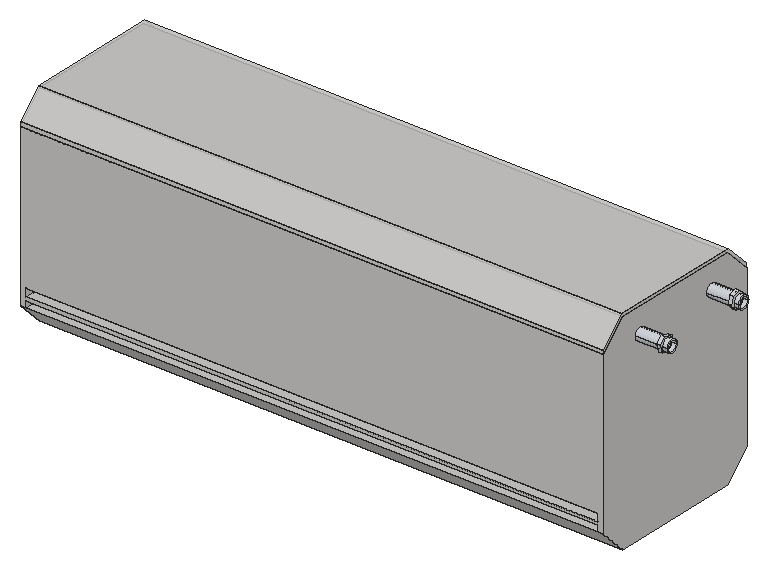
Revit family "Air-Curtain_Customer-Entry_PoweredAire_CED-HW-ST", category Mechanical Equipment, host Face, Revit 2023
Family settings
  Host = Face
  Round Connector Dimension = Use Diameter
  Part Type = Normal
  OmniClass Number = 23.75.35.17.21
  OmniClass Title = Air Curtains
  Cut with Voids When Loaded = No
  Maintain Annotation Orientation = No
  Shared = No
  Room Calculation Point = No
Parameters
  upperrotation [instance] = if(Upper Pipe Connection Side A, 0.00°, 180.00°)  # 0.00°
  lowerrotation [instance] = if(Lower Pipe Connection Side A, 0.00°, 180.00°)  # 0.00°
  locateupperpipe [instance] = 0.00"
  locatelowerpipe [instance] = 0.00"
  Upper Pipe Connection Side A [instance] = yes
  Unit Width Notes = "Other Widths available."  # constant formula
  Unit Width [instance] = 49.00"
  Unit Weight = 0
  Unit Height [instance] = 15.00"
  Unit Depth [instance] = 17.50"
  URL = "http://www.poweredaire.com/"
  Specification = ""
  Projection from Host [instance] = 2.00"
  Product Page URL = "https://www.arcat.com/company/powered-aire-inc-47623"
  Power Rating = 0 W
  Piping_Water Flow [instance] = 0 GPM
  Piping_Operating Pressure [instance] = 0.00 psi
  Piping_Exit Temperature [instance] = 0 °F
  Piping_Entry Temperature [instance] = 0 °F
  Pipe OD [instance] = 5/8"
  Mounting Width = 45.00"
  Mounting Height [instance] = 50.00"
  Motor RPM = 0
  Motor HP = 0
  Motor Count = 0
  Model = "ECE ST"
  Max Height = 0.00"
  Manufacturer = "Powered Aire, Inc"
  Lower Pipe Connection Side A [instance] = yes
  Keynote = "23 34 33"
  Junction height [instance] = 2.25"
  Include Filters [instance] = no
  Include Clearance [instance] = yes
  Heating Element Load = 0 W
  HVAC_Temperature Rise [instance] = 0 °F
  HVAC_Outlet Volume [instance] = 0 CFM
  HVAC_Outlet Velocity Uniformity = 0
  HVAC_Outlet Velocity [instance] = 0 FPM
  HVAC_BTU Input = 0.0 Btu/h
  Front Grating Material [instance] = Metal - Steel - PoweredAire - Stainless 304 Perforated
  Frame Finish [instance] = Metal - Steel - PoweredAire - Stainless 304
  Electrical_Wattage [instance] = Power Rating + Heating Element Load  # 0 W
  Electrical_Voltage [instance] = 0 V
  Electrical_Phase [instance] = 1
  Electrical_Frequency [instance] = 0 Hz
  Electrical_Amperage [instance] = 0 A
  Description = ""
  Default Elevation = 0.00"  # constant formula
  Copyright = "©Arcat Inc."
  Clearance_Top [instance] = 20.50"
  Clearance_Side B [instance] = 11.875"
  Clearance_Side A [instance] = 11.875"
  Clearance_Intake [instance] = 8.75"
  Clearance_Bottom [instance] = 12.00"
  Clearance Material [instance] = ARCAT Clearance
  CAD Details = ""
  Assembly Code = "D3090400"
Reference planes (in)
  plane 1 "Center (Elevation)": y = 8.13818
  plane 2: z = 0
  plane 3 "Center (Left/Right)": x = 0
  plane 4 "FF": y = -41.86182
  plane 5: z = 2
  plane 6: x = 24.5
  plane 7: x = -24.5
  plane 8: z = 19.5
  plane 9: z = 17.5
  plane 10: z = 4
  plane 11: y = 15.63818
  plane 12: y = 0.63818
  plane 13: z = 0
  plane 14: x = -24.03
  plane 15: x = 24.03
  plane 16: y = 17.88818
Forms (in)
  Extrusion 1, solid, material "Metal - Steel - PoweredAire - Stainless 304" <- "Frame Finish"
    sketch origin (0, 0, 6.73006) x (0, 1, 0) y (0, 0, 1)
      loop
        line (0.63818, -2.73006) -> (2.63818, -4.73006) -> (13.63818, -4.73006) -> (15.63818, -2.73006) -> (15.63818, 10.76994) -> (13.63818, 12.76994) -> (2.63818, 12.76994) -> (0.63818, 10.76994) -> (0.63818, -2.73006)
    from -24.5 to 24.5
  Extrusion 2, void
    sketch origin (0, 0.875, 1) x (0, 1, 0) y (0, 0, 1)
      loop
        line (-0.23682, 3) -> (0.76318, 3) -> (0.76318, 4.5) -> (-0.23682, 4.5) -> (-0.23682, 3.82425) -> (0.61636, 3.82425) -> (0.61636, 3.57425) -> (-0.23682, 3.57425) -> (-0.23682, 3)
    from -24.03 to 24.03
  Extrusion 3, solid
    sketch origin (0, 8.13818, 0) x (1, 0, 0) y (0, 0, 1)
      loop
        line (1.75, 15.38) -> (-1.75, 15.38)
        arc (-1.75, 15.38) -> (-1.92678, 15.30678) -> (-2, 15.13) r 0.25
        line (-2, 15.13) -> (-2, 11.63)
        arc (-2, 11.63) -> (-1.92678, 11.45322) -> (-1.75, 11.38) r 0.25
        line (-1.75, 11.38) -> (1.75, 11.38)
        arc (1.75, 11.38) -> (1.92678, 11.45322) -> (2, 11.63) r 0.25
        line (2, 11.63) -> (2, 15.13)
        arc (2, 15.13) -> (1.92678, 15.30678) -> (1.75, 15.38) r 0.25
      loop
        circle (1.75, 15.13) r 0.03224
      loop
        circle (-1.75, 11.63) r 0.03224
    from -9.75 to -7.5
  Extrusion 4, solid, material "Metal - Steel - PoweredAire - Stainless 304 Perforated" <- "Front Grating Material"
    sketch origin (0, 0, 0) x (0, 1, 0) y (0, 0, 1)
      loop
        line (15.63818, 17.5) -> (15.63818, 17.83698) -> (13.73688, 19.73828) -> (2.53948, 19.73828) -> (0.63818, 17.83698) -> (0.63818, 17.5) -> (2.63818, 19.5) -> (13.63818, 19.5) -> (15.63818, 17.5)
    from -24.5 to 24.5
  Extrusion 5, void
    sketch origin (0, 8.13818, 0) x (1, 0, 0) y (0, 0, 1)
      loop
        circle (24, 15.5) r 0.19
      loop
        circle (24, 6) r 0.19
      loop
        circle (-24, 15.5) r 0.19
      loop
        circle (-24, 6) r 0.19
    from -9.75 to 0
Cuts and joins
  Extrusion 2, Extrusion 5 cuts Extrusion 1
Dimensions and locks (in)
  equal spacing: plane 7, plane 3 "Center (Left/Right)", plane 6
  "Unit Width": plane 7 to plane 6
  equal spacing: plane 12, plane 1 "Center (Elevation)", plane 11
  "Unit Height": plane 12 to plane 11
  Extrusion 2 sketch curve to Extrusion 2 sketch curve to Extrusion 2 sketch curve to Extrusion 2 sketch curve = 0.67575" locked, 0.25" locked, 0.57425" locked
  locked: Extrusion 2 sketch curve to Extrusion 2 sketch curve at 0.14681
  locked: Extrusion 1 sketch curve to plane 5 at 2  (x2)
  locked: Extrusion 3 sketch curve to Extrusion 3 sketch curve at 4  (x2)
  equal spacing: Extrusion 3 sketch curve, plane 3 "Center (Left/Right)", Extrusion 3 sketch curve
  locked: Extrusion 3 sketch curve to plane 9 at 2.12
  locked: plane 10 to plane 5 at 2
  locked: plane 11 to Extrusion 1 sketch curve at 2
  locked: Extrusion 1 sketch curve to plane 12 at 2
  locked: plane 8 to plane 9 at 2
  "Unit Depth": plane 8 to plane 5
  "Projection from Host": plane 5 to plane 13
  locked: nested 1 to plane 12 at 3.75027
  locked: nested 2 to plane 11 at 3.75027
  "Mounting Height": plane 1 "Center (Elevation)" to plane 4 "FF"
  locked: plane 7 to plane 14 at 0.47
  locked: plane 15 to plane 6 at 0.47
  plane 14 to plane 15 = 48.06"
  "Junction height": plane 11 to plane 16
  aligned and locked: plane 2 to host face
  aligned and locked: level to host face
  aligned and locked: plane 10 to cut or joined group of Extrusion 1, Extrusion 2, Extrusion 5
  aligned and locked: plane 8 to cut or joined group of Extrusion 1, Extrusion 2, Extrusion 5
  aligned and locked: plane 9 to cut or joined group of Extrusion 1, Extrusion 2, Extrusion 5
  aligned and locked: cut or joined group of Extrusion 1, Extrusion 2, Extrusion 5 to plane 8
  aligned and locked: cut or joined group of Extrusion 1, Extrusion 2, Extrusion 5 to plane 5
  aligned and locked: cut or joined group of Extrusion 1, Extrusion 2, Extrusion 5 to plane 10
  aligned and locked: host face to plane 13
  aligned and locked: cut or joined group of Extrusion 1, Extrusion 2, Extrusion 5 to plane 7
  aligned and locked: plane 6 to cut or joined group of Extrusion 1, Extrusion 2, Extrusion 5
  aligned and locked: Extrusion 4 sketch curve to plane 8
  aligned and locked: Extrusion 4 to cut or joined group of Extrusion 1, Extrusion 2, Extrusion 5  (x5)
  aligned and locked: plane 11 to Extrusion 3
  aligned and locked: nested 1 to plane 6
  aligned and locked: plane 15 to cut or joined group of Extrusion 1, Extrusion 2, Extrusion 5
  aligned and locked: cut or joined group of Extrusion 1, Extrusion 2, Extrusion 5 to plane 14
  aligned and locked: Extrusion 4 to plane 11
  aligned and locked: Extrusion 4 to plane 12
  aligned and locked: cut or joined group of Extrusion 1, Extrusion 2, Extrusion 5 to plane 12  (x2)
  aligned and locked: cut or joined group of Extrusion 1, Extrusion 2, Extrusion 5 to plane 11  (x2)
  aligned and locked: plane 12 to Extrusion 1 sketch curve
  aligned and locked: Extrusion 1 sketch curve to plane 11
  aligned and locked: Extrusion 5 to Extrusion 3
  aligned and locked: Extrusion 1 sketch curve to Extrusion 4
  aligned and locked: Extrusion 2 sketch curve to plane 12
  aligned and locked: plane 12 to cut or joined group of Extrusion 1, Extrusion 2, Extrusion 5
  aligned and locked: plane 1 "Center (Elevation)" to cut or joined group of Extrusion 1, Extrusion 2, Extrusion 5
  aligned and locked: Extrusion 1 to plane 11
  aligned and locked: plane 16 to Extrusion 3
Automatic sketch dimensions
  host sketch curve to host sketch curve = 96.00"  (x2)
  Extrusion 1 sketch curve to plane 8 = 0.00"
  Extrusion 1 sketch curve to plane 5 = 0.00"
  Extrusion 1 sketch curve to plane 9 = 0.00"
  plane 10 to Extrusion 2 sketch curve = 0.00"
  plane 12 to Extrusion 2 sketch curve = 0.85319"
  Extrusion 4 sketch curve to plane 9 = 0.00"  (x2)
  Extrusion 4 sketch curve to plane 12 = 0.00"
  Extrusion 4 sketch curve to plane 11 = 0.00"
  Extrusion 4 sketch curve to Extrusion 4 sketch curve = 0.0987"  (x2)
  plane 8 to Extrusion 4 sketch curve = 0.23828"
  plane 12 to Extrusion 4 sketch curve = 1.9013"
  plane 11 to Extrusion 4 sketch curve = 2.00"
  Extrusion 4 sketch curve to Extrusion 4 sketch curve = 0.33698"
  plane 9 to Extrusion 4 sketch curve = 0.33698"
  Extrusion 2 sketch curve to plane 12 = 0.00"
  plane 11 to Extrusion 1 sketch curve = 2.00"
  Extrusion 3 sketch curve to Extrusion 3 sketch curve = 0.00"  (x4)
  Extrusion 3 sketch curve to Extrusion 3 sketch curve = 0.25"  (x4)
  plane 14 to Extrusion 5 sketch curve = 0.03"  (x2)
  Extrusion 5 sketch curve to plane 15 = 0.03"  (x2)
  Extrusion 5 sketch curve to plane 9 = 2.00"  (x2)
  Extrusion 5 sketch curve to plane 10 = 2.00"  (x2)
  radius of Extrusion 3 sketch curve = 0.03224"  (x2)
  radius of Extrusion 5 sketch curve = 0.19"  (x4)
Nested families (in)
  nested 1: "Valve" at (24.5, 4.38845, 30.15595) x (0, 1, 0) z (1, 0, 0), type "Valve"
    with upperpiperotation 0.00°, lowerpiperotation 0.00°, locateupperpipe 0.00", locatelowerpipe 0.00", Upper Pipe Connection Side A yes, Projection from Host 4.00", Piping_Water Flow 0 GPM, Piping_Operating Pressure 0.00 psi, Piping_Exit Temperature 0 °F, Piping_Entry Temperature 0 °F, Pipe OD 5/8", Mounting Height 42.00", Lower Pipe Connection Side A yes, Include Clearance yes, Front Grating Material Metal - Steel - PoweredAire - White Perforated, Frame Finish Metal - Steel - PoweredAire - Stainless 304, Electrical_Wattage 0 W, Electrical_Voltage 0 V, Electrical_Phase 1, Electrical_Frequency 0 Hz, Electrical_Amperage 0 A, Cover Finish Metal - Steel - PoweredAire - White, Clearance_Top 0.00", Clearance_Side B 0.00", Clearance_Side A 0.00", Clearance_Intake 0.00", Clearance_Front 43.00", Clearance Material ARCAT Clearance
  nested 2: "Valve" at (24.5, 11.88791, 30.15595) x (0, -1, 0) z (1, 0, 0), type "Valve"
    with upperpiperotation 0.00°, lowerpiperotation 0.00°, locateupperpipe 0.00", locatelowerpipe 0.00", Upper Pipe Connection Side A yes, Projection from Host 4.00", Piping_Water Flow 0 GPM, Piping_Operating Pressure 0.00 psi, Piping_Exit Temperature 0 °F, Piping_Entry Temperature 0 °F, Pipe OD 5/8", Mounting Height 42.00", Lower Pipe Connection Side A yes, Include Clearance yes, Front Grating Material Metal - Steel - PoweredAire - White Perforated, Frame Finish Metal - Steel - PoweredAire - Stainless 304, Electrical_Wattage 0 W, Electrical_Voltage 0 V, Electrical_Phase 1, Electrical_Frequency 0 Hz, Electrical_Amperage 0 A, Cover Finish Metal - Steel - PoweredAire - White, Clearance_Top 0.00", Clearance_Side B 0.00", Clearance_Side A 0.00", Clearance_Intake 0.00", Clearance_Front 43.00", Clearance Material ARCAT Clearance
Definition of nested family "Valve"
  Parameters (values of type "Valve")
    upperpiperotation [instance] = if(Upper Pipe Connection Side A, 0.00°, 180.00°)  # 0.00°
    lowerpiperotation [instance] = if(Lower Pipe Connection Side A, 0.00°, 180.00°)  # 0.00°
    locateupperpipe [instance] = if(Upper Pipe Connection Side A, 0.00", Nozzle Width)  # 0.00"
    locatelowerpipe [instance] = if(Lower Pipe Connection Side A, 0.00", Nozzle Width)  # 0.00"
    Upper Pipe Connection Side A [instance] = yes
    Unit Width Notes = "Other Widths available."  # constant formula
    Unit Width = 73.00"
    Unit Weight = 0
    Unit Height = 15.00"
    Unit Depth = 17.00"
    URL = "http://www.poweredaire.com/"
    Specification = ""
    Projection from Host [instance] = 4.00"
    Product Page URL = "https://www.arcat.com/company/powered-aire-inc-47623"
    Power Rating = 0 W
    Piping_Water Flow [instance] = 0 GPM
    Piping_Operating Pressure [instance] = 0.00 psi
    Piping_Exit Temperature [instance] = 0 °F
    Piping_Entry Temperature [instance] = 0 °F
    Pipe OD [instance] = 5/8"
    Nozzle Width = if(1 = 1, Unit Width - 3.00", 0.00")  # 70.00"
    Mounting Width = if(1 = 1, Unit Width - 1.50", 0.00")  # 71.50"
    Mounting Height [instance] = 42.00"
    Motor RPM = 0
    Motor HP = 0
    Motor Count = 0
    Model = "CLD CHD HW ST"
    Max Height = 0.00"
    Manufacturer = "Powered Aire, Inc"
    Lower Pipe Connection Side A [instance] = yes
    Keynote = "23 34 33"
    Junction Height = 1.77"
    Include Clearance [instance] = yes
    Heating Element Load = 0 W
    HVAC_Temperature Rise = 0 °F
    HVAC_Outlet Volume = 0 CFM
    HVAC_Outlet Velocity Uniformity = 0
    HVAC_Outlet Velocity = 0 FPM
    HVAC_BTU Input = 0.0 Btu/h
    Front Grating Material [instance] = none
    Frame Finish [instance] = none
    Electrical_Wattage [instance] = Power Rating + Heating Element Load  # 0 W
    Electrical_Voltage [instance] = 0 V
    Electrical_Phase [instance] = 1
    Electrical_Frequency [instance] = 0 Hz
    Electrical_Amperage [instance] = 0 A
    Description = ""
    Default Elevation = 0.00"  # constant formula
    Cover Finish [instance] = none
    Copyright = "©Arcat Inc."
    Clearance_Top [instance] = 0.00"
    Clearance_Side B [instance] = 0.00"
    Clearance_Side A [instance] = 0.00"
    Clearance_Intake [instance] = 0.00"
    Clearance_Front [instance] = 43.00"
    Clearance Material [instance] = none
    CAD Details = ""
    Assembly Code = "D3090400"
  Reference planes (in)
    plane 1 "Center (Elevation)": y = -12.65595
    plane 2: z = 0
    plane 3 "Center (Left/Right)": x = 0
  Forms (in)
    Extrusion 1, solid
      sketch origin (0, 0, 0) x (1, 0, 0) y (0, 1, 0)
        loop
          line (-60, 48) -> (-60, -48) -> (63.22671, -48) -> (63.22671, 48) -> (-60, 48)
      from 0 to -12
    Extrusion 2, solid
      sketch origin (0, 0, 0) x (1, 0, 0) y (0, 1, 0)
        loop
          circle (0, -12.65595) r 0.45
        loop
          circle (0, -12.65595) r 0.5
      from 0 to 2.75
    Extrusion 3, solid
      sketch origin (0, 0, 0) x (1, 0, 0) y (0, 1, 0)
        loop
          line (0.64691, -12.82929) -> (0.47357, -12.18238) -> (-0.17334, -12.00904) -> (-0.64691, -12.48261) -> (-0.47357, -13.12952) -> (0.17334, -13.30286) -> (0.64691, -12.82929)
        loop
          circle (0, -12.65595) r 0.5
      from 1.99342 to 2.31497
  Dimensions and locks (in)
    aligned and locked: plane 2 to Extrusion 1
    aligned and locked: level to Extrusion 1
